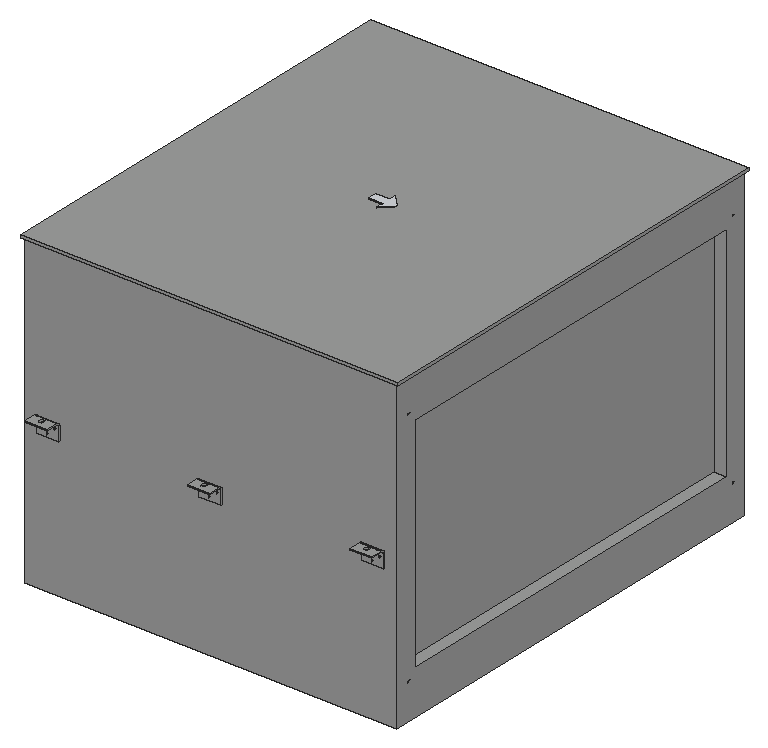
Revit family "Naveka VSEC", category Оборудование, Revit 2019
Family settings
  Размер круглого соединителя = Использовать диаметр
  Тип детали = Нормальный
  Номер OmniClass = 23.75.00.00
  Заголовок OmniClass = Climate Control (HVAC)
  На основе рабочей плоскости = Нет
  Всегда вертикально = Да
  При загрузке вырезать с полостями = Нет
  Общий = Нет
  Точка расчета площади = Нет
Parameters (values of type "VSEC3-7040A")
  Частота вращения n, об/мин = "2060"
  Сила тока J, А = "2.1"
  Напряжение U,В = "3-380"
  Мощность двигателя N,Вт = "1320"
  Материал = RAL 0000 Серый металл
  Lm = 670 mm
  Hm = 560 mm
  H1 = 430 mm
  H = 400 mm
  Bm1 = 780 mm
  B1 = 730 mm
  B = 700 mm
  ADSK_Примечание = ""
  ADSK_Позиция = ""
  ADSK_Наименование = "Вентилятор шумоизолированный для прямоугольного канала"  # constant formula
  ADSK_Масса = 62
  ADSK_Марка = "VSEC3-7040A"
  ADSK_Код изделия = ""
  ADSK_Завод-изготовитель = "Naveka"  # constant formula
  ADSK_Единица измерения = "шт."  # constant formula
Types (9, lengths in mm): name | Частота вращения n, об/мин | Сила тока J, А | Напряжение U,В | Мощность двигателя N,Вт | Lm | Hm | H1 | H | Bm1 | B1 | B | ADSK_Масса | ADSK_Марка
  (no name) | "2060" | "2.1" | "3-380" | "1320" | 670 | 560 | 430 | 400 | 780 | 730 | 700 | 62 | "VSEC3-7040A"
  VSEC1-5025 | "2860" | "1.4" | "1-220" | "170" | 430 | 380 | 270 | 250 | 580 | 520 | 500 | 28 | "VSEC1-5025"
  VSEC1-5030 | "3370" | "2.5" | "1-220" | "380" | 430 | 430 | 320 | 300 | 580 | 520 | 500 | 32 | "VSEC1-5030"
  VSEC1-6030 | "2900" | "2.9" | "1-220" | "660" | 600 | 468 | 320 | 300 | 680 | 620 | 600 | 41 | "VSEC1-6030"
  VSEC1-6035 | "2640" | "3.2" | "1-220" | "730" | 600 | 518 | 370 | 350 | 680 | 620 | 600 | 46 | "VSEC1-6035"
  VSEC3-7040A | "2060" | "2.1" | "3-380" | "1320" | 670 | 560 | 430 | 400 | 780 | 730 | 700 | 62 | "VSEC3-7040A"
  VSEC3-7040B | "3230" | "4.6" | "3-380" | "3050" | 750 | 650 | 430 | 500 | 780 | 730 | 700 | 92 | "VSEC3-7040B"
  VSEC3-8050 | "2800" | "5.8" | "3-380" | "3800" | 850 | 760 | 530 | 500 | 880 | 830 | 800 | 113 | "VSEC3-8050"
  VSEC3-10050 | "2480" | "6.8" | "3-380" | "4500" | 1000 | 760 | 530 | 500 | 1080 | 1030 | 1000 | 145 | "VSEC3-10050"
Reference planes
  plane 1 "По центру (Вперед/Назад)": y = 0
  plane 2: z = 0
  plane 3 "По центру (Влево/Вправо)": x = 0
  plane 4: y = 390
  plane 5: y = -390
  plane 6: x = 335
  plane 7: z = 280
  plane 8: z = -280
  plane 9: x = -335
  plane 10: x = -339
  plane 11: y = 394
  plane 12: x = 339
  plane 13: y = -394
  plane 14: x = 312
  plane 15: x = 272
  plane 16: x = 292
  plane 17: y = 404
  plane 18: z = -12
  plane 19: z = -24
  plane 20: x = 278
  plane 21: x = 306
  plane 22: x = -312
  plane 23: x = -272
  plane 24: x = -292
  plane 25: x = -278
  plane 26: x = -306
  plane 27: y = -404
  plane 28: z = 281
  plane 29: z = 275
  plane 30: x = -20
  plane 31: x = 20
  plane 32: x = 0
  plane 33: x = 14
  plane 34: x = -14
  plane 35: z = 200
  plane 36: z = -200
  plane 37: y = 350
  plane 38: y = -350
  plane 39: y = 365
  plane 40: y = -365
  plane 41: z = 215
  plane 42: z = -215
Forms (mm)
  Extrusion 1, solid, material "RAL 0000 Серый металл" <- "Материал", detail levels fine
    sketch origin (0, 0, 0) x (0, 1, 0) y (0, 0, 1)
      loop
        line (390, 275) -> (-390, 275) -> (-390, -280) -> (390, -280) -> (390, 275)
    from -335 to 335
  Extrusion 2, solid, material "RAL 0000 Серый металл" <- "Материал", detail levels fine
    sketch origin (0, 0, 0) x (1, 0, 0) y (0, 1, 0)
      loop
        line (-339, 394) -> (-339, -394) -> (339, -394) -> (339, 394) -> (-339, 394)
    from 275 to 280
  Extrusion 3, solid, material "RAL 0000 Серый металл" <- "Материал", detail levels fine
    sketch origin (0, 0, 0) x (0, 1, 0) y (0, 0, 1)
      loop
        line (417.5, -1.5) -> (417.5, 0) -> (395.472, 0)
        arc (395.472, 0) -> (391.603, -1.603) -> (390, -5.472) r 5.472
        line (390, -5.472) -> (390, -30) -> (391.5, -30) -> (391.5, -5.119)
        arc (391.5, -5.119) -> (392.56, -2.56) -> (395.119, -1.5) r 3.619
        line (395.119, -1.5) -> (417.5, -1.5)
    from 272 to 312
  Extrusion 4, void
    sketch origin (0, 417.5, 0) x (0, -1, 0) y (1, 0, 0)
      loop
        circle (13.5, 292) r 4.5
    from -1.5 to 0
  Extrusion 5, void
    sketch origin (0, 0, 0) x (1, 0, 0) y (0, 0, 1)
      loop
        circle (278, -12) r 2.1
      loop
        circle (306, -12) r 2.1
      loop
        circle (292, -24) r 2.1
    from -391.5 to -390
  Extrusion 6, solid, material "RAL 0000 Серый металл" <- "Материал", detail levels fine
    sketch origin (0, 0, 0) x (0, -1, 0) y (0, 0, -1)
      loop
        line (417.5, 1.5) -> (394.519, 1.5)
        arc (394.519, 1.5) -> (392.384, 2.384) -> (391.5, 4.519) r 3.019
        line (391.5, 4.519) -> (391.5, 30) -> (390, 30) -> (390, 6.072)
        arc (390, 6.072) -> (391.778, 1.778) -> (396.072, 0) r 6.072
        line (396.072, 0) -> (417.5, 0) -> (417.5, 1.5)
    from 272 to 312
  Extrusion 7, void
    sketch origin (0, 87.878, 0) x (0, 1, 0) y (-1, 0, 0)
      loop
        circle (-491.878, -292) r 4.5
    from -1.5 to 0
  Extrusion 8, void
    sketch origin (0, 0, 0) x (1, 0, 0) y (0, 0, -1)
      loop
        circle (278, 12) r 2.1
      loop
        circle (306, 12) r 2.1
      loop
        circle (292, 24) r 2.1
    from -391.5 to -390
  Extrusion 9, solid, material "RAL 0000 Серый металл" <- "Материал", detail levels fine
    sketch origin (0, 0, 0) x (0, 1, 0) y (0, 0, -1)
      loop
        line (417.5, 1.5) -> (395.119, 1.5)
        arc (395.119, 1.5) -> (392.56, 2.56) -> (391.5, 5.119) r 3.619
        line (391.5, 5.119) -> (391.5, 30) -> (390, 30) -> (390, 5.472)
        arc (390, 5.472) -> (391.603, 1.603) -> (395.472, 0) r 5.472
        line (395.472, 0) -> (417.5, 0) -> (417.5, 1.5)
    from 272 to 312
  Extrusion 10, void
    sketch origin (-270, 417.5, 0) x (0, -1, 0) y (1, 0, 0)
      loop
        circle (13.5, -22) r 4.5
    from -1.5 to 0
  Extrusion 11, solid, material "RAL 0000 Серый металл" <- "Материал", detail levels fine
    sketch origin (5, 0, 0) x (0, -1, 0) y (0, 0, 1)
      loop
        line (417.5, -1.5) -> (417.5, 0) -> (396.072, 0)
        arc (396.072, 0) -> (391.778, -1.778) -> (390, -6.072) r 6.072
        line (390, -6.072) -> (390, -30) -> (391.5, -30) -> (391.5, -4.519)
        arc (391.5, -4.519) -> (392.384, -2.384) -> (394.519, -1.5) r 3.019
        line (394.519, -1.5) -> (417.5, -1.5)
    from 277 to 317
  Extrusion 12, void
    sketch origin (0, 0, 0) x (-1, 0, 0) y (0, 0, -1)
      loop
        circle (278, 12) r 2.1
      loop
        circle (306, 12) r 2.1
      loop
        circle (292, 24) r 2.1
    from -391.5 to -390
  Extrusion 13, void
    sketch origin (0, 0, 0) x (-1, 0, 0) y (0, 0, 1)
      loop
        circle (278, -12) r 2.1
      loop
        circle (306, -12) r 2.1
      loop
        circle (292, -24) r 2.1
    from -391.5 to -390
  Extrusion 14, void
    sketch origin (0, 87.878, 0) x (0, 1, 0) y (-1, 0, 0)
      loop
        circle (-491.878, 292) r 4.5
    from -1.5 to 0
  Extrusion 15, solid, detail levels fine
    sketch origin (-0.974, 0, 0) x (1, 0, 0) y (0, 1, 0)
      loop
        line (23.125, 0) -> (3.823, 19.302) -> (3.823, 14.302) -> (3.823, 7.861) -> (-21.177, 7.861) -> (-21.177, 0) -> (-21.177, -7.861) -> (3.823, -7.861) -> (3.823, -14.302) -> (3.823, -19.302) -> (23.125, 0)
    from 0 to 281
  Extrusion 16, solid, material "RAL 0000 Серый металл" <- "Материал", detail levels fine
    sketch origin (182, 0, 0) x (0, 1, 0) y (0, 0, -1)
      loop
        line (417.5, 1.5) -> (395.119, 1.5)
        arc (395.119, 1.5) -> (392.56, 2.56) -> (391.5, 5.119) r 3.619
        line (391.5, 5.119) -> (391.5, 30) -> (390, 30) -> (390, 5.472)
        arc (390, 5.472) -> (391.603, 1.603) -> (395.472, 0) r 5.472
        line (395.472, 0) -> (417.5, 0) -> (417.5, 1.5)
    from 162 to 202
  Extrusion 17, void
    sketch origin (-88, 417.5, 0) x (0, -1, 0) y (1, 0, 0)
      loop
        circle (13.5, 88) r 4.5
    from -1.5 to 0
  Extrusion 18, solid, material "RAL 0000 Серый металл" <- "Материал", detail levels fine
    sketch origin (182, 0, 0) x (0, -1, 0) y (0, 0, 1)
      loop
        line (417.5, -1.5) -> (417.5, 0) -> (396.072, 0)
        arc (396.072, 0) -> (391.778, -1.778) -> (390, -6.072) r 6.072
        line (390, -6.072) -> (390, -30) -> (391.5, -30) -> (391.5, -4.519)
        arc (391.5, -4.519) -> (392.384, -2.384) -> (394.519, -1.5) r 3.019
        line (394.519, -1.5) -> (417.5, -1.5)
    from 162 to 202
  Extrusion 19, void
    sketch origin (182, 0, 0) x (-1, 0, 0) y (0, 0, -1)
      loop
        circle (168, 12) r 2.1
      loop
        circle (196, 12) r 2.1
      loop
        circle (182, 24) r 2.1
    from -391.5 to -390
  Extrusion 20, void
    sketch origin (182, 0, 0) x (-1, 0, 0) y (0, 0, 1)
      loop
        circle (168, -12) r 2.1
      loop
        circle (196, -12) r 2.1
      loop
        circle (182, -24) r 2.1
    from -391.5 to -390
  Extrusion 21, void
    sketch origin (182, 87.878, 0) x (0, 1, 0) y (-1, 0, 0)
      loop
        circle (-491.878, 182) r 4.5
    from -1.5 to 0
  Extrusion 22, void
    sketch origin (0, 0, 0) x (0, 1, 0) y (0, 0, 1)
      loop
        line (350, 200) -> (-350, 200) -> (-350, -200) -> (350, -200) -> (350, 200)
    from 312 to 335
  Extrusion 23, void
    sketch origin (0, 80, 0) x (0, 1, 0) y (0, 0, 1)
      loop
        line (270, 200) -> (-430, 200) -> (-430, -200) -> (270, -200) -> (270, 200)
    from -335 to -312
  Extrusion 24, void
    sketch origin (0, 0, 0) x (0, 1, 0) y (0, 0, 1)
      loop
        circle (365, 215) r 3.019
      loop
        circle (-365, 215) r 3.019
      loop
        circle (365, -215) r 3.019
      loop
        circle (-365, -215) r 3.019
    from 312 to 335
  Extrusion 25, void
    sketch origin (0, 0, 0) x (0, 1, 0) y (0, 0, -1)
      loop
        circle (365, -215) r 3.019
      loop
        circle (-365, -215) r 3.019
      loop
        circle (365, 215) r 3.019
      loop
        circle (-365, 215) r 3.019
    from 312 to 500
Cuts and joins
  Extrusion 4, Extrusion 5, Extrusion 7, Extrusion 8, Extrusion 10, Extrusion 12 cuts Extrusion 3
  Extrusion 8, Extrusion 12, Extrusion 13, Extrusion 19, Extrusion 20, Extrusion 22, Extrusion 23, Extrusion 24, Extrusion 25 cuts Extrusion 1
  Extrusion 10, Extrusion 12, Extrusion 13, Extrusion 17, Extrusion 19 cuts Extrusion 9
  Extrusion 7, Extrusion 8, Extrusion 14 cuts Extrusion 6
  Extrusion 13, Extrusion 14, Extrusion 20, Extrusion 21 cuts Extrusion 11
  Extrusion 17, Extrusion 19 cuts Extrusion 16
  Extrusion 20, Extrusion 21 cuts Extrusion 18
  Extrusion 22 cuts Extrusion 15
Lines and regions (mm)
  model lines, detail levels medium
    curve 1: circle (0, 0, 0) r 75 normal (0, -1, 0)
    curve 2: line (75, 0, 0) -> (-46.678, 0, 58.704)
    curve 3: line (-47.5, 0, 58.041) -> (-47.5, 0, -58.041)
    curve 4: line (-46.678, 0, -58.704) -> (75, 0, 0)
  model lines, not visible, detail levels medium
    curve 5: circle (0, 0, 0) r 75 normal (0, -1, 0)
    curve 6: line (75, 0, 0) -> (-46.678, 0, 58.704)
    curve 7: line (-47.5, 0, 58.041) -> (-47.5, 0, -58.041)
    curve 8: line (-46.678, 0, -58.704) -> (75, 0, 0)
  model lines, detail levels coarse
    curve 9: circle (0, 0, 0) r 95 normal (0, 0, 1)
    curve 10: line (95, 0, 0) -> (-55.84, 76.857, 0)
    curve 11: line (-55.84, 76.857, 0) -> (-55.84, -76.857, 0)
    curve 12: line (-55.84, -76.857, 0) -> (95, 0, 0)
  model lines, not visible, detail levels coarse
    curve 13: circle (0, 0, 0) r 95 normal (0, 0, 1)
    curve 14: line (95, 0, 0) -> (-55.84, 76.857, 0)
    curve 15: line (-55.84, 76.857, 0) -> (-55.84, -76.857, 0)
    curve 16: line (-55.84, -76.857, 0) -> (95, 0, 0)
Dimensions and locks
  "Bm1": plane 5 to plane 4
  "Lm": plane 9 to plane 6
  equal spacing: plane 9, plane 3 "По центру (Влево/Вправо)", plane 6
  equal spacing: plane 5, plane 1 "По центру (Вперед/Назад)", plane 4
  equal spacing: plane 7, level, plane 8
  "Hm": plane 7 to plane 8
  locked: plane 13 to plane 5 at 4
  locked: plane 11 to plane 4 at 4
  locked: plane 6 to plane 12 at 4
  locked: plane 10 to plane 9 at 4
  locked: plane 14 to plane 6 at 23
  locked: plane 15 to plane 14 at 40
  locked: Extrusion 3 sketch curve to Extrusion 3 sketch curve at 1.5  (x2)
  Extrusion 3 sketch curve to Extrusion 3 sketch curve = 27.5 mm
  locked: Extrusion 3 sketch curve to Extrusion 3 sketch curve at 30
  equal spacing: plane 15, plane 16, plane 14
  locked: plane 17 to plane 4 at 14
  locked: level to plane 19 at 24
  equal spacing: level, plane 18, plane 19
  locked: plane 20 to plane 16 at 14
  equal spacing: plane 20, plane 16, plane 21
  locked: plane 23 to plane 22 at 40
  equal spacing: plane 23, plane 24, plane 22
  locked: plane 25 to plane 24 at 14
  equal spacing: plane 25, plane 24, plane 26
  locked: Extrusion 6 sketch curve to Extrusion 6 sketch curve at 1.5  (x2)
  Extrusion 6 sketch curve to Extrusion 6 sketch curve = 27.5 mm
  locked: Extrusion 6 sketch curve to Extrusion 6 sketch curve at 30
  locked: plane 5 to plane 27 at 14
  locked: Extrusion 9 sketch curve to Extrusion 9 sketch curve at 1.5  (x2)
  Extrusion 9 sketch curve to Extrusion 9 sketch curve = 27.5 mm
  locked: Extrusion 9 sketch curve to Extrusion 9 sketch curve at 30
  locked: Extrusion 11 sketch curve to Extrusion 11 sketch curve at 1.5  (x2)
  Extrusion 11 sketch curve to Extrusion 11 sketch curve = 27.5 mm
  locked: Extrusion 11 sketch curve to Extrusion 11 sketch curve at 30
  equal spacing: plane 23, plane 3 "По центру (Влево/Вправо)", plane 15
  locked: plane 28 to plane 7 at 1
  locked: plane 29 to plane 7 at 5
  locked: plane 31 to plane 30 at 40
  equal spacing: plane 31, plane 32, plane 30
  locked: plane 33 to plane 32 at 14
  equal spacing: plane 33, plane 32, plane 34
  locked: Extrusion 16 sketch curve to Extrusion 16 sketch curve at 1.5  (x2)
  Extrusion 16 sketch curve to Extrusion 16 sketch curve = 27.5 mm
  locked: Extrusion 16 sketch curve to Extrusion 16 sketch curve at 30
  locked: Extrusion 18 sketch curve to Extrusion 18 sketch curve at 1.5  (x2)
  Extrusion 18 sketch curve to Extrusion 18 sketch curve = 27.5 mm
  locked: Extrusion 18 sketch curve to Extrusion 18 sketch curve at 30
  "H": plane 36 to plane 35
  equal spacing: plane 36, level, plane 35
  equal spacing: plane 37, plane 1 "По центру (Вперед/Назад)", plane 38
  "B": plane 37 to plane 38
  equal spacing: plane 42, level, plane 41
  equal spacing: plane 39, plane 1 "По центру (Вперед/Назад)", plane 40
  "B1": plane 39 to plane 40
  "H1": plane 42 to plane 41
  radius of Extrusion 4 sketch curve = 4.5 mm
  radius of Extrusion 7 sketch curve = 4.5 mm
  radius of Extrusion 10 sketch curve = 4.5 mm
  radius of Extrusion 14 sketch curve = 4.5 mm
  radius of Extrusion 17 sketch curve = 4.5 mm
  radius of Extrusion 21 sketch curve = 4.5 mm
  aligned and locked: level to plane 2
  aligned and locked: Extrusion 1 to plane 9
  aligned and locked: Extrusion 1 to plane 6
  aligned and locked: plane 8 to Extrusion 1
  aligned and locked: Extrusion 3 to plane 14
  aligned and locked: plane 15 to Extrusion 3
  aligned and locked: plane 16 to Extrusion 4 sketch curve
  aligned and locked: Extrusion 3 to Extrusion 4  (x2)
  aligned and locked: plane 20 to Extrusion 5 sketch curve
  aligned and locked: plane 18 to Extrusion 5 sketch curve  (x2)
  aligned and locked: plane 21 to Extrusion 5 sketch curve
  aligned and locked: plane 16 to Extrusion 5 sketch curve
  aligned and locked: plane 19 to Extrusion 5 sketch curve
  aligned and locked: cut or joined group of Extrusion 3, Extrusion 4, Extrusion 5, Extrusion 7, Extrusion 8, Extrusion 10, Extrusion 12 to Extrusion 5
  aligned and locked: Extrusion 5 to plane 4
  aligned and locked: Extrusion 6 to plane 5
  aligned and locked: Extrusion 6 to plane 14
  aligned and locked: plane 15 to Extrusion 6
  aligned and locked: plane 27 to Extrusion 7 sketch curve
  aligned and locked: plane 16 to Extrusion 7 sketch curve
  aligned and locked: Extrusion 8 to plane 5
  aligned and locked: Extrusion 6 to Extrusion 8
  aligned and locked: level to Extrusion 6
  aligned and locked: plane 23 to Extrusion 9
  aligned and locked: Extrusion 9 to plane 22
  aligned and locked: Extrusion 9 to plane 4
  aligned and locked: level to Extrusion 9
  aligned and locked: plane 24 to Extrusion 10 sketch curve
  aligned and locked: plane 17 to Extrusion 10 sketch curve
  aligned and locked: plane 23 to Extrusion 11
  aligned and locked: Extrusion 11 to plane 22
  aligned and locked: Extrusion 11 to plane 5
  aligned and locked: level to Extrusion 11
  aligned and locked: Extrusion 12 sketch curve to plane 18
  aligned and locked: plane 18 to Extrusion 12 sketch curve
  aligned and locked: plane 26 to Extrusion 12 sketch curve
  aligned and locked: plane 25 to Extrusion 12 sketch curve
  aligned and locked: plane 24 to Extrusion 12 sketch curve
  aligned and locked: plane 19 to Extrusion 12 sketch curve
  aligned and locked: plane 25 to Extrusion 13 sketch curve
  aligned and locked: plane 18 to Extrusion 13 sketch curve  (x2)
  aligned and locked: plane 26 to Extrusion 13 sketch curve
  aligned and locked: plane 24 to Extrusion 13 sketch curve
  aligned and locked: plane 19 to Extrusion 13 sketch curve
  aligned and locked: plane 24 to Extrusion 14 sketch curve
  aligned and locked: plane 27 to Extrusion 14 sketch curve
  aligned and locked: plane 15 to cut or joined group of Extrusion 6, Extrusion 7, Extrusion 8, Extrusion 14
  aligned and locked: cut or joined group of Extrusion 6, Extrusion 7, Extrusion 8, Extrusion 14 to plane 14
  aligned and locked: level to cut or joined group of Extrusion 6, Extrusion 7, Extrusion 8, Extrusion 14
  aligned and locked: plane 21 to Extrusion 8 sketch curve
  aligned and locked: plane 18 to Extrusion 8 sketch curve  (x2)
  aligned and locked: plane 20 to Extrusion 8 sketch curve
  aligned and locked: plane 19 to Extrusion 8 sketch curve
  aligned and locked: plane 16 to Extrusion 8 sketch curve
  aligned and locked: cut or joined group of Extrusion 3, Extrusion 4, Extrusion 5, Extrusion 7, Extrusion 8, Extrusion 10, Extrusion 12 to plane 4  (x4)
  aligned and locked: plane 4 to cut or joined group 1 (Extrusion 1, Extrusion 8, Extrusion 12, Extrusion 13, Extrusion 19, Extrusion 20, Extrusion 22, Extrusion 23, Extrusion 24, Extrusion 25)  (x2)
  aligned and locked: plane 5 to cut or joined group 1  (x2)
  aligned and locked: cut or joined group of Extrusion 11, Extrusion 13, Extrusion 14, Extrusion 20, Extrusion 21 to cut or joined group 1
  aligned and locked: cut or joined group of Extrusion 9, Extrusion 10, Extrusion 12, Extrusion 13, Extrusion 17, Extrusion 19 to cut or joined group 1
  aligned and locked: plane 28 to Extrusion 15
  aligned and locked: plane 7 to Extrusion 2
  aligned and locked: plane 29 to Extrusion 2
  aligned and locked: cut or joined group 1 to plane 29
  aligned and locked: plane 31 to Extrusion 16
  aligned and locked: Extrusion 16 to plane 30
  aligned and locked: plane 32 to Extrusion 17 sketch curve
  aligned and locked: plane 31 to Extrusion 18
  aligned and locked: Extrusion 18 to plane 30
  aligned and locked: plane 34 to Extrusion 19 sketch curve
  aligned and locked: plane 33 to Extrusion 19 sketch curve
  aligned and locked: plane 32 to Extrusion 19 sketch curve
  aligned and locked: plane 33 to Extrusion 20 sketch curve
  aligned and locked: plane 34 to Extrusion 20 sketch curve
  aligned and locked: plane 32 to Extrusion 20 sketch curve
  aligned and locked: plane 32 to Extrusion 21 sketch curve
  aligned and locked: plane 32 to plane 3 "По центру (Влево/Вправо)"
  aligned and locked: cut or joined group of Extrusion 18, Extrusion 20, Extrusion 21 to cut or joined group 1
  aligned and locked: plane 27 to Extrusion 21 sketch curve
  aligned and locked: cut or joined group of Extrusion 16, Extrusion 17, Extrusion 19 to cut or joined group 1
  aligned and locked: cut or joined group of Extrusion 16, Extrusion 17, Extrusion 19 to plane 4
  aligned and locked: cut or joined group of Extrusion 18, Extrusion 20, Extrusion 21 to plane 5
  aligned and locked: plane 35 to Extrusion 22 sketch curve
  aligned and locked: Extrusion 22 sketch curve to plane 37
  aligned and locked: Extrusion 22 sketch curve to plane 36
  aligned and locked: Extrusion 22 sketch curve to plane 38
  aligned and locked: Extrusion 22 to plane 6
  aligned and locked: plane 14 to Extrusion 22
  aligned and locked: Extrusion 23 to plane 9
  aligned and locked: plane 22 to Extrusion 23
  aligned and locked: plane 38 to Extrusion 23
  aligned and locked: plane 37 to Extrusion 23
  aligned and locked: plane 42 to Extrusion 24 sketch curve  (x2)
  aligned and locked: plane 39 to Extrusion 24 sketch curve  (x2)
  aligned and locked: plane 40 to Extrusion 24 sketch curve  (x2)
  aligned and locked: plane 41 to Extrusion 24 sketch curve  (x2)
  aligned and locked: plane 14 to Extrusion 24
  aligned and locked: Extrusion 24 to plane 6  (x2)
  aligned and locked: cut or joined group 1 to plane 9
  aligned and locked: plane 22 to cut or joined group 1
Automatic sketch dimensions
  curve 1 to curve 4 = 75 mm
  curve 1 to curve 2 = 0 mm
  curve 4 to curve 1 = 46.678 mm
  curve 2 to curve 1 = 46.678 mm
  curve 3 to curve 4 = 0.822 mm
  curve 5 to curve 8 = 75 mm
  curve 5 to curve 6 = 0 mm
  curve 8 to curve 5 = 46.678 mm
  curve 6 to curve 5 = 46.678 mm
  curve 7 to curve 8 = 0.822 mm
  Extrusion 1 sketch curve to plane 5 = 0 mm
  Extrusion 1 sketch curve to plane 4 = 0 mm
  plane 8 to Extrusion 1 sketch curve = 0 mm
  plane 29 to Extrusion 1 sketch curve = 0 mm
  Extrusion 2 sketch curve to plane 10 = 0 mm
  Extrusion 2 sketch curve to plane 12 = 0 mm
  plane 13 to Extrusion 2 sketch curve = 0 mm
  Extrusion 2 sketch curve to plane 11 = 0 mm
  Extrusion 3 sketch curve to plane 4 = 0 mm
  Extrusion 3 sketch curve to level = 0 mm
  plane 11 to Extrusion 3 sketch curve = 1.119 mm
  Extrusion 3 sketch curve to Extrusion 3 sketch curve = 0.354 mm
  Extrusion 4 sketch curve to Extrusion 3 = 8.528 mm
  Extrusion 6 sketch curve to plane 5 = 0 mm
  Extrusion 6 sketch curve to level = 0 mm
  Extrusion 6 sketch curve to plane 13 = 0.519 mm
  Extrusion 6 sketch curve to plane 13 = 2.072 mm
  Extrusion 9 sketch curve to plane 4 = 0 mm
  Extrusion 9 sketch curve to level = 0 mm
  plane 11 to Extrusion 9 sketch curve = 1.119 mm
  Extrusion 9 sketch curve to Extrusion 9 sketch curve = 0.354 mm
  Extrusion 11 sketch curve to plane 5 = 0 mm
  Extrusion 11 sketch curve to level = 0 mm
  plane 13 to Extrusion 11 sketch curve = 0.519 mm
  plane 13 to Extrusion 11 sketch curve = 2.072 mm
  plane 1 "По центру (Вперед/Назад)" to Extrusion 15 sketch curve = 0 mm  (x2)
  Extrusion 15 sketch curve to plane 30 = 2.151 mm
  plane 3 "По центру (Влево/Вправо)" to Extrusion 15 sketch curve = 2.849 mm  (x2)
  plane 31 to Extrusion 15 sketch curve = 2.151 mm
  plane 1 "По центру (Вперед/Назад)" to Extrusion 15 sketch curve = 7.861 mm
  Extrusion 15 sketch curve to Extrusion 15 sketch curve = 6.441 mm
  Extrusion 15 sketch curve to Extrusion 15 sketch curve = 5 mm  (x2)
  Extrusion 15 sketch curve to Extrusion 15 sketch curve = 7.861 mm
  Extrusion 16 sketch curve to plane 4 = 0 mm
  Extrusion 16 sketch curve to level = 0 mm
  plane 11 to Extrusion 16 sketch curve = 1.119 mm
  Extrusion 16 sketch curve to Extrusion 16 sketch curve = 0.354 mm
  Extrusion 17 sketch curve to Extrusion 3 = 8.528 mm
  Extrusion 18 sketch curve to plane 5 = 0 mm
  Extrusion 18 sketch curve to level = 0 mm
  plane 13 to Extrusion 18 sketch curve = 0.519 mm
  plane 13 to Extrusion 18 sketch curve = 2.072 mm
  Extrusion 19 sketch curve to plane 19 = 0 mm
  Extrusion 19 sketch curve to plane 18 = 0 mm  (x2)
  Extrusion 20 sketch curve to plane 19 = 0 mm
  Extrusion 20 sketch curve to plane 18 = 0 mm  (x2)
  plane 35 to Extrusion 23 sketch curve = 0 mm
  Extrusion 23 sketch curve to plane 38 = 0 mm
  plane 36 to Extrusion 23 sketch curve = 0 mm
  Extrusion 23 sketch curve to plane 37 = 0 mm
  Extrusion 25 sketch curve to plane 40 = 0 mm  (x2)
  Extrusion 25 sketch curve to plane 39 = 0 mm  (x2)
  plane 41 to Extrusion 25 sketch curve = 0 mm  (x2)
  plane 42 to Extrusion 25 sketch curve = 0 mm  (x2)
  radius of Extrusion 5 sketch curve = 2.1 mm  (x3)
  radius of Extrusion 8 sketch curve = 2.1 mm  (x3)
  radius of Extrusion 12 sketch curve = 2.1 mm  (x3)
  radius of Extrusion 13 sketch curve = 2.1 mm  (x3)
  radius of Extrusion 19 sketch curve = 2.1 mm  (x3)
  radius of Extrusion 20 sketch curve = 2.1 mm  (x3)
  radius of Extrusion 24 sketch curve = 3.019 mm  (x4)
  radius of Extrusion 25 sketch curve = 3.019 mm  (x4)
Connectors
  hvac at (335, 0, 0), driven by "H", driven by "B"
    settings: on cut or joined group 1, index 4, duct flow 0.0 L/s, flow factor 0, pres drop 0.0 Pa, loss coef 0, conn angle 0.00°, conn width 700 mm, conn height 400 mm, conn diameter 609.6 mm, duct sys type 28, conn prof type 1, flow config 0, flow direction 0, loss method 0, conn ref index 5, conn util no, is conn primary yes, conn desc ""
  hvac at (-335, 0, 0), driven by "H", driven by "B"
    settings: on cut or joined group 1, index 5, duct flow 0.0 L/s, flow factor 0, pres drop 0.0 Pa, loss coef 0, conn angle 0.00°, conn width 700 mm, conn height 400 mm, conn diameter 609.6 mm, duct sys type 28, conn prof type 1, flow config 0, flow direction 0, loss method 0, conn ref index 4, conn util no, is conn primary no, conn desc ""
